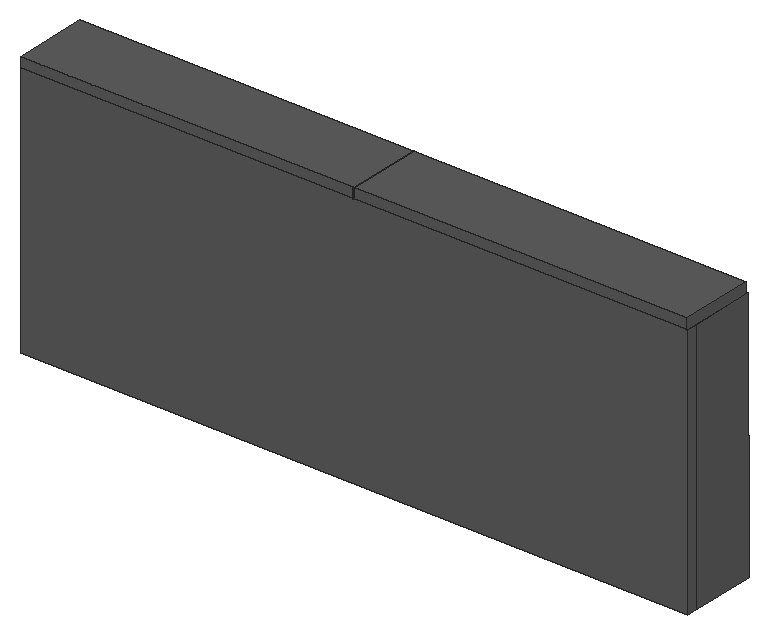
Revit family "WashbasinUnit-120cm-Right-Vitra-OriginSeries-65682+65683+65684", category Furniture Systems, host Face, Revit 2017
Family settings
  Host = Face
  Round Connector Dimension = Use Diameter
  Part Type = Normal
  OmniClass Number = 23.40.00.00
  OmniClass Title = Equipment and Furnishings
  Cut with Voids When Loaded = No
  Shared = Yes
  Room Calculation Point = No
Parameters (values of type "WashbasinUnit-Vitra-OriginSeries-120cm-Right_65682")
  Youtube = "https://www.youtube.com/user/VitrAglobal"
  Weight Net (kg) = "27"
  Warranty Period (Year) = "2"
  Uniformat II Description = "FURNISHINGS"
  Uniformat II Code = "E20"
  Uniclass 2015 Name = "Wash basins, sinks and troughs"
  Uniclass 2015 Code = "Pr_40_20_93"
  Uniclass 2.0 Description = "Bathroom Cabinets"
  Uniclass 2.0 Code = "PR-35-75-08"
  Uniclass 1.4 Description = "Bathroom Cabinets"
  Uniclass 1.4 Code = "L8241"
  URL = "https://vitraglobal.com/"
  UNSPSC Description = "Bathroom Cabinets"
  UNSPSC Code = "301815"
  Technical description = "https://www.vitraglobal.com/pdf/65682/"
  Tap hole Options (default) = ""
  Specification = ""
  Secondary Material = MattWhite
  Region South America = "All"
  Region Oceania = "All"
  Region North America = "All"
  Region Middle East = "All"
  Region Europe = "All"
  Region Asia = "All"
  Region Antarctica = "All"
  Region Africa = "All"
  Product url = "https://www.vitraglobal.com/bathroom-furniture/counters/storage-tables/origin-counter-with-drawer-sku-65682/"
  Product manual = ""
  Product group = "Washbasin Unit"
  Product family = "Origin"
  Product data url = "https://www.bimobject.com/vitra-bathrooms/product/65682-65683-65684"
  Product certification = "https://www.vitraglobal.com/brochures/"
  Product SKU = "65682"
  Product Guid = "https://www.vitraglobal.com/uyeIslem/fileDownload.aspx?udkEnc=jknA0+Tbm/Hm4TOyUwN+8y2DmbYZpN3DgWVixSaqpUl8lHcyJ4riURwxWsHd8AcBDazUBka7BIJo6TEQ9OYqmQ==&lang=en-US"
  Primary Material = Patterned Black Oak
  OmniClass Description = "Bathroom Cabinets"
  OmniClass Code = "23-31 25 13"
  Nominal Width (mm) = 1200 mm
  Nominal Height (mm) = 135 mm
  Nominal Depth (mm) = 480 mm
  NBS Referans Description = "Bathroom Cabinets"
  NBS Referans Code = "35-75-08"
  Mounting type = "Wall-Hung"
  Masterformat 2014 Description = "Bathroom Unit Modules"
  Masterformat 2014 Code = "13 42 13"
  Manufacturer name = "VitrA"
  Manufacturer = "VitrA"
  Main Material = "Wood"
  Installation instructions = "https://www.vitraglobal.com/uyeIslem/fileDownload.aspx?udkEnc=YT1cocbwVf1nhQ2jtuzVLRf+lQtiPzEc0mZ6gFoRvuzyYprAYoFjRTn2tIH66LmL1a1Jq37ROE+33uM/PE7myg==&lang=en-US"
  IFC Classification = "Furniture"
  EAN code = ""
  Design country = "Turkey"
  Description = "Origin Washbasin Unit - 120 cm"
  Default Elevation = 660 mm
  Color = "Matt White/Dore Oak"
  COBIe Type Category = ""
  Brand = "VitrA"
  BIMobject category = "Bathroom compound units"
  Article No. (default) = "65682"
  Accessories (default) = ""
Types (3, lengths in mm): name | Technical description | Product url | Product data url | Product SKU | Primary Material | Description | Color | Article No. (default)
  WashbasinUnit-Vitra-OriginSeries-120cm-Right_65684 | "https://www.vitraglobal.com/pdf/65684/" | "" | "https://www.vitraglobal.com/bathroom-furniture/counters/storage-tables/origin-counter-with-drawer-sku-65684/" | "65684" | Natural Oak | "Origin Washbasin Unit, 120 cm" | "Flat Oak" | "65684"
  WashbasinUnit-Vitra-OriginSeries-120cm-Right_65683 | "https://www.vitraglobal.com/pdf/65683/" | "" | "https://www.vitraglobal.com/bathroom-furniture/counters/storage-tables/origin-counter-with-drawer-sku-65683/" | "65683" | Elm | "Origin Washbasin Unit, 120 cm" | "Elm" | "65683"
  WashbasinUnit-Vitra-OriginSeries-120cm-Right_65682 | "https://www.vitraglobal.com/pdf/65682/" | "https://www.vitraglobal.com/bathroom-furniture/counters/storage-tables/origin-counter-with-drawer-sku-65682/" | "https://www.bimobject.com/vitra-bathrooms/product/65682-65683-65684" | "65682" | Patterned Black Oak | "Origin Washbasin Unit - 120 cm" | "Matt White/Dore Oak" | "65682"
Reference planes
  plane 1 "Center (Front/Back)": y = 0
  plane 2: z = 0
  plane 3 "Center (Left/Right)": x = -8.77
  plane 4: x = 454.576
  plane 5: x = -745.424
  plane 6: y = 0.372
  plane 7: y = 135.372
  plane 8: z = 480
Forms (mm)
  Extrusion 1, solid, material "Patterned Black Oak" <- "Primary Material", detail levels fine
    sketch origin (-279.424, -0.624, 231.903) x (0, 0, 1) y (1, 0, 0)
      loop
        line (229.097, -466) -> (229.097, 734) -> (-228.5, 734) -> (-228.5, -466) -> (229.097, -466)
    from 0.997 to 17.997
  Extrusion 2, solid, material "Patterned Black Oak" <- "Primary Material", detail levels fine
    sketch origin (-295.424, 135.372, 232.403) x (0, 0, -1) y (1, 0, 0)
      loop
        line (229, -450) -> (229, -434) -> (-228.597, -434) -> (-228.597, -450) -> (229, -450)
      loop
        line (-228.597, 750) -> (-228.597, 734) -> (229, 734) -> (229, 750) -> (-228.597, 750)
    from 0 to 118
  Extrusion 3, solid, material "Patterned Black Oak" <- "Primary Material", detail levels fine
    sketch origin (-292.424, 133.372, 469.903) x (0, 0, -1) y (1, 0, 0)
      loop
        line (-10.097, -453) -> (8.903, -453) -> (8.903, 745) -> (-10.097, 745) -> (-10.097, -453)
    from 0 to 133
  Extrusion 4, solid, material "Patterned Black Oak" <- "Primary Material", detail levels fine
    sketch origin (-279.424, 134.372, 410.403) x (0, 0, 1) y (1, 0, 0)
      loop
        line (-49.403, -450) -> (50.597, -450) -> (50.597, 718) -> (-49.403, 718) -> (-49.403, -450)
      loop
        line (-307, 718) -> (-407, 718) -> (-407, -450) -> (-307, -450) -> (-307, 718)
    from 0 to -15.924
  Extrusion 5, solid, material "Patterned Black Oak" <- "Primary Material", detail levels fine
    sketch origin (273.479, 133.372, 469.903) x (0, 0, -1) y (1, 0, 0)
      loop
        line (-10.097, -418.903) -> (-10.097, -421.497) -> (8.903, -421.497) -> (8.903, -418.903) -> (-10.097, -418.903)
    from 0 to 133
  Extrusion 6, solid, detail levels coarse+medium
    sketch origin (0, 0, 0) x (1, 0, 0) y (0, 1, 0)
      loop
        line (454.576, 145.372) -> (-745.424, 145.372) -> (-745.424, 0.372) -> (454.576, 0.372) -> (454.576, 145.372)
    from 0 to 480
  Extrusion 7, void
    sketch origin (0, 0, 0) x (1, 0, 0) y (0, 1, 0)
      loop
        line (454.576, 145.372) -> (-745.424, 145.372) -> (-745.424, 0.372) -> (454.576, 0.372) -> (454.576, 145.372)
    from 480 to 954.713
Dimensions and locks
  "Nominal Height (mm)": plane 7 to plane 6
  plane 5 to plane 4 = 1200 mm
  "Nominal Width (mm)": plane 5 to plane 4
  "Nominal Depth (mm)": host face to plane 8
  Extrusion 7 to Extrusion 7 = 474.713 mm
  aligned and locked: plane 2 to host face
  aligned and locked: level to host face
  aligned and locked: Extrusion 2 to Extrusion 1
  aligned and locked: Extrusion 1 to Extrusion 3  (x2)
  aligned and locked: Extrusion 4 to Extrusion 2  (x2)
  aligned and locked: Extrusion 6 to Extrusion 1  (x2)
  aligned and locked: Extrusion 7 sketch curve to Extrusion 6  (x2)
  aligned and locked: Extrusion 7 to Extrusion 3
Automatic sketch dimensions
  host sketch curve to host sketch curve = 2438.4 mm  (x2)
  plane 5 to Extrusion 1 sketch curve = 0 mm
  plane 4 to Extrusion 1 sketch curve = 0 mm
  level to Extrusion 1 sketch curve = 3.403 mm
  plane 8 to Extrusion 1 sketch curve = 19 mm
  plane 5 to Extrusion 2 sketch curve = 0 mm
  plane 4 to Extrusion 2 sketch curve = 0 mm
  plane 8 to Extrusion 2 sketch curve = 19 mm  (x2)
  level to Extrusion 2 sketch curve = 3.403 mm  (x2)
  Extrusion 2 sketch curve to plane 5 = 16 mm
  Extrusion 2 sketch curve to Extrusion 2 sketch curve = 16 mm
  Extrusion 3 sketch curve to plane 8 = 0 mm
  plane 5 to Extrusion 3 sketch curve = 0 mm
  plane 4 to Extrusion 3 sketch curve = 2 mm
  plane 8 to Extrusion 3 sketch curve = 19 mm
  level to Extrusion 4 sketch curve = 3.403 mm
  plane 4 to Extrusion 4 sketch curve = 16 mm  (x2)
  Extrusion 4 sketch curve to Extrusion 4 sketch curve = 100 mm
  plane 8 to Extrusion 4 sketch curve = 119 mm
  plane 8 to Extrusion 4 sketch curve = 19 mm
  Extrusion 4 sketch curve to plane 5 = 16 mm  (x2)
  Extrusion 5 sketch curve to plane 8 = 0 mm
  plane 8 to Extrusion 5 sketch curve = 19 mm
  Extrusion 5 sketch curve to plane 3 "Center (Left/Right)" = 139.249 mm
  Extrusion 5 sketch curve to Extrusion 5 sketch curve = 2.594 mm
  Extrusion 6 sketch curve to plane 5 = 0 mm
  Extrusion 6 sketch curve to plane 4 = 0 mm
  Extrusion 6 sketch curve to plane 6 = 0 mm
  plane 7 to Extrusion 6 sketch curve = 10 mm
  Extrusion 7 sketch curve to plane 6 = 0 mm
  plane 7 to Extrusion 7 sketch curve = 10 mm
